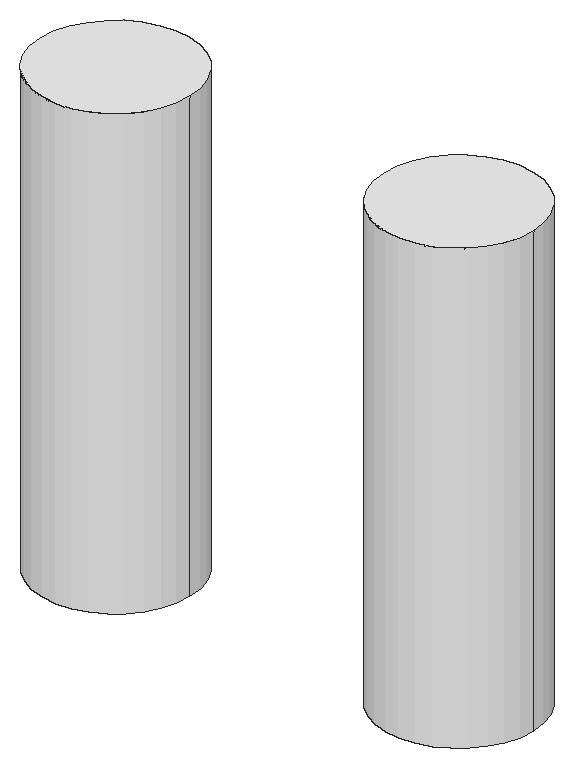
Revit family "45232185(2022)", category Plumbing Fixtures, Revit 2020
Family settings
  Round Connector Dimension = Use Diameter
  Part Type = Normal
  OmniClass Number = 23.45.55.00
  OmniClass Title = Sanitary Faucets, Wastes
  Work Plane-Based = No
  Always vertical = Yes
  Cut with Voids When Loaded = No
  Shared = No
  Room Calculation Point = No
Parameters (values of type "45232185 Washbasin faucet ")
  Working Pressure = "50 - 1000 kPa"
  WarrantyStartDate [instance] = "n/a"
  WarrantyGuarantorParts = "n/a"
  WarrantyGuarantorLabor = "n/a"
  WarrantyDurationUnit = "Year"
  WarrantyDurationParts = "n/a"
  WarrantyDurationLabor = "n/a"
  WarrantyDescription = "http://warranty.hansa.com"
  Warranty Information URL = "http://warranty.hansa.com"
  VersionDate = "01/06/2023"
  Version = "1"
  ValvePattern = "n/a"
  ValveOperation = "n/a"
  ValveMechanism = "n/a"
  Uniclass2015Reference = "Pr_40_20_87_96"
  Uniclass2015Description = "Washbasin manual water supply sets"
  Uniclass2 = "Pr_40_30_96_96"
  URL UWL = "http://static.hansa.com/UWL/45232185"
  URL REACH = "http://static.hansa.com/doc/reach"
  URL Materials Declaration = "http://www.hansa.com/fileadmin/resources/166346_45232185_materialsdeclaration.pdf"
  URL Environmental Product Declaration EPD = "http://www.hansa.com/fileadmin/resources/184523_EPD_Washbasin faucet.pdf"
  URL EcoLabel Declaration = "http://static.hansa.com/doc/EcoLabel"
  URL EU Packaging Declaration = "http://static.hansa.com/doc/packaging"
  URL Declaration of SCIP = "http://static.hansa.com/doc/SCIP"
  URL Declaration of Conformity = "http://static.hansa.com/DoC/45232185"
  URL Declaration of Asbestos = "http://static.hansa.com/doc/asbestos"
  URL Declaration Of Performance (DOP) = "http://static.hansa.com/doc/DoP"
  URL DVGW = "http://static.hansa.com/DVGW/45232185"
  URL ABP = "http://static.hansa.com/ABP/45232185"
  URL = ""
  UNSPSC Class Number = "30181700 Faucets or taps"
  TestPressure = "n/a"
  Temperature Adjustments = "Limitation option for maximum temperature and flow-rate ;Adjustable hot water stop (included, retrofittable)"
  Temperature = "Temperature limiter"
  Technical DataSheet URL = "http://www.hansa.com/datasheet/45232185/en"
  TagNumber [instance] = "n/a"
  SustainabilityPerformance = "n/a"
  Surface treatment = "Chrome"
  Spout Type = "Fixed spout"
  Spout Projection = "150 mm"
  Spare-Part Information URL = "http://static.hansa.com/sp/45232185"
  Size = "210 x 50 x 170 mm"
  Shape = "Sculptured"
  SerialNumber [instance] = "n/a"
  Sales Package dimensions (LxWxH) = "606 x 224 x 88"
  Revision = "n/a"
  ReplacementCost = "n/a"
  ProductInformation = "n/a"
  Product URL = "http://static.hansa.com/45232185"
  Product Image URL = "http://static.hansa.com/image/45232185"
  Product Family = "HANSACLINICA "
  Product Code = "45232185"
  Pressure Loss With Flow 01ls = 70000.0 Pa
  OperatingMechanismMaterial = "n/a"
  NominalWidth = 50 mm
  NominalHeight = 171.4 mm
  NominalDepth = 208.5 mm
  Noise Class = "I (ISO 3822) "
  Name_en = "45232185 Washbasin faucet"
  Name = "45232185 Washbasin faucet"
  NBSReference = "45-35-70/371"
  NBSDescription = "Water supply fittings for wash basins and troughs"
  Mounting Holes = "1 hole"
  ModelReference = "45232185"
  ModelNumber = "n/a"
  Model = "45232185 Washbasin faucet"
  Mobile Product Information URL = "http://mpi.hansa.com/45232185"
  Mechanical Parts = "ø 40 mm ceramic cartridge for flow and temperature control"
  Max. Hot Water Supply = 80 °C
  Material = "Brass"
  Market = "International;Germany;Austria;Switzerland;Belgium;Netherlands;France;Czech Republic;Slovakia;Italy;Spain"
  ManufacturerURL = "http://www.hansa.com"
  ManufacturerName = "HANSA"
  Manufacturer = "HANSA"
  Long Marketing = "HANSACLINICA washbasin faucet. Firm longer loop-lever (180 mm) offers good usability to all users and situations. Fixed longer spout (150 mm) with nickel-free water channels and laminar water flow. In-built limitation options for water temperature and maximum flow-rate. Connection pipes Cu ø10 mm."
  Lever Handle = "Single operating lever/handle;Loop shape;Long shape;Hot/Cold symbols"
  Keynote = ""
  Interactive AR View URL = "https://static.hansa.com/AR/45232185"
  InstallationDate [instance] = "n/a"
  Installation and Maintenance Guide URL = "http://static.hansa.com/manual/45232185"
  Installation Type = "Deck mounted"
  InletConnectionSize = 10 mm
  IfcExportType = "FAUCET"  # constant formula
  IfcExportAs = "IfcValveType"  # constant formula
  Group = "Washbasin faucet"
  Grade = "n/a"
  FlowCoefficient = 0
  Flow Rate At 300kPa = 0.2 L/s
  Flow Drawing URL = "http://static.hansa.com/flowchart/45232185"
  Finish = "Polished"
  Features = "Single-lever"
  FaucetMainMaterial = Brass
  FDV Document URL = "http://www.hansa.com/datasheet/45232185/en/fdv"
  ExpectedLife = "n/a"
  Excluded Items = "Without pop-up waste;Without draw-rod opening"
  ETIM Class Number = "EC011328 Washbasin mixing tap"
  EN Standard = "EN 817"
  EAN Number = "4057304018879"
  DurationUnit = "Year"
  Dimension Drawing URL = "http://static.hansa.com/dimdrw/45232185"
  Description = ""
  DefaultElevation [instance] = 900 mm
  Default Elevation = 0 mm
  Constituents = "n/a"
  Connection Size = "Ø10mm"
  Connection = "Copper inlet pipes"
  Color = "Chrome"
  CodePerformance = "n/a"
  CloseOffRating = 0
  Category = "Washbasin"
  Catalog Drawing URL = "http://static.hansa.com/catdrw/45232185"
  CO2 Emissions (D) = -7
  CO2 Emissions (C4) = 0.07
  CO2 Emissions (C3) = 0.02
  CO2 Emissions (C2) = 0.02
  CO2 Emissions (B7) = 3856.32
  CO2 Emissions (A4) = 0.27
  CO2 Emissions (A1-A3) = 9.85
  Brand = "HANSA"
  BodyMaterial = "Brass"
  Barcode [instance] = "n/a"
  Backflow Prevention EN1717 = "AA"
  BIMObjectName = "45232185(2022)"
  Author = "BIMStone"
  AssetType = "Fixed"
  AssetIdentifier [instance] = "n/a"
  Approval DVGW = "DW-6506DL0556"
  Approval ABP = "P-IX 29684/IA"
  Aerator = "Laminar stream"
  Advanced Features = "Inner body made of DZR brass;Waterways without nickel coating;3S-installation system for safe and simple mounting"
  AccessibilityPerformance = "n/a"
  3D View = "https://static.hansa.com/AR/45232185"
  2D/3D/BIM Files URL = "http://static.hansa.com/bim/45232185"
Reference planes
  plane 1 "Center (Front/Back)": y = 0
  plane 2: z = 0
  plane 3 "Center (Left/Right)": x = 0
  plane 4: x = -25
  plane 5: z = 900
  plane 6: z = 870
  plane 7: y = -208.5
  plane 8: x = 25
  plane 9: z = 1071.4
Forms (mm)
  Extrusion 1, solid, material "Brass" <- "FaucetMainMaterial"
    sketch origin (0, -4.192, 0) x (1, 0, 0) y (0, 1, 0)
      loop
        circle (-11.5, -22.5) r 5
      loop
        circle (11.5, -22.5) r 5
    from 870 to 900
Dimensions and locks
  "DefaultElevation": plane 5 to level
  locked: plane 5 to plane 6 at 30
  "NominalDepth": plane 7 to plane 1 "Center (Front/Back)"
  equal spacing: plane 4, plane 3 "Center (Left/Right)", plane 8
  "NominalHeight": plane 9 to plane 5
  "NominalWidth": plane 4 to plane 8
  "InletConnectionSize": diameter of Extrusion 1 sketch curve  (x2)
  aligned and locked: level to plane 2
  aligned and locked: plane 5 to Extrusion 1
  aligned and locked: Extrusion 1 to plane 6
  aligned and locked: nested 2 to plane 5
Automatic sketch dimensions
  Extrusion 1 sketch curve to plane 3 "Center (Left/Right)" = 11.5 mm
  plane 3 "Center (Left/Right)" to Extrusion 1 sketch curve = 11.5 mm
  plane 1 "Center (Front/Back)" to Extrusion 1 sketch curve = 26.692 mm  (x2)
Nested families
  nested 1: "Symbol" at (0, 0, 0), type "Symbol", detail levels coarse
  nested 2: "45232185_p" at (0, 0, 900), Material <- "FaucetMainMaterial", type "45232185_p"
    with Material Brass
Connectors
  piping at (-11.5, -26.692, 870), diameter 10, driven by "InletConnectionSize"
    settings: on Extrusion 1, index 1, connector inside diameter 609.6 mm, connector length 0 mm, flow factor 0, pipe flow 0.19 L/s, pressure drop 0.0 Pa, fitting loss kfactor 0, connector angle 0.00°, fixture units 0, engagement length 0 mm, angle of deflection 0.00°, flow configuration 1, flow direction 1, fitting loss method 0, system type 19, joint type 0, gender type 0, connector reference index -1, connector utility 0, adjustable connector no, is connector primary yes, connector description ""
  piping at (11.5, -26.692, 870), diameter 10, driven by "InletConnectionSize"
    settings: on Extrusion 1, index 2, connector inside diameter 609.6 mm, connector length 0 mm, flow factor 0, pipe flow 0.19 L/s, pressure drop 0.0 Pa, fitting loss kfactor 0, connector angle 0.00°, fixture units 0, engagement length 0 mm, angle of deflection 0.00°, flow configuration 1, flow direction 1, fitting loss method 0, system type 20, joint type 0, gender type 0, connector reference index -1, connector utility 0, adjustable connector no, is connector primary no, connector description ""
Definition of nested family "Symbol"
  Reference planes
    plane 1: y = 0
    plane 2: x = 0
  Lines and regions (mm)
    detail lines
      curve 1: line (0, 0, 0) -> (0, -1.8, 0)
      curve 2: line (-0.4, -1.1, 0) -> (0.4, -1.1, 0)
      curve 3: line (-0.4, -1.4, 0) -> (0.4, -1.4, 0)
      curve 4: line (0.863, 0, 0) -> (-0.863, 0, 0)
      curve 5: circle (-1.163, 0, 0) r 0.3 normal (0, 0, -1)
      curve 6: circle (1.163, 0, 0) r 0.3 normal (0, 0, 1)
Definition of nested family "45232185_p"
  Parameters (values of type "45232185_p")
    URL = ""
    Model = ""
    Material [instance] = none
    Manufacturer = ""
    Description = ""
    Default Elevation = 0 mm
  Reference planes
    plane 1 "Center (Front/Back)": y = 0
    plane 2: z = 0
    plane 3 "Center (Left/Right)": x = 0
    plane 4: x = -24.99
    plane 5: x = 24.987
    plane 6: z = 171.441
    plane 7: y = -208.547
  Forms (mm)
    Sweep 1, solid, material <- "Material", detail levels medium
      path origin (0, 0.008, -0.467) x (0, 0.999848, -0.017452) y (0, 0.017452, 0.999848)
        loop
          line (-23.874, -3.889) -> (-30.775, 127.795)
      profile origin (0, -26.23, 61.953) x (0, -0.999391, -0.034899) y (1, 0, 0)
        loop
          circle (0, 0) r 24
    Extrusion 2, void
      sketch origin (0, 0, 0) x (0, 1, 0) y (0, 0, 1)
        loop
          line (-52.612, 0) -> (-52.612, -8.17) -> (7.388, -8.17) -> (7.388, 0) -> (-52.612, 0)
      from -24.99 to 24.987
    Extrusion 3, void
      sketch origin (0, 0, 0) x (0, 1, 0) y (0, 0, 1)
        loop
          line (-55.138, 119.81) -> (-3.383, 119.81) -> (-3.383, 131.351) -> (-55.138, 131.351) -> (-55.138, 119.81)
      from -28.935 to 31.792
    Extrusion 4, solid, material <- "Material", detail levels medium
      sketch origin (0, 0, 0) x (0, 1, 0) y (0, 0, 1)
        loop
          line (-39.028, 119.839) -> (-187.859, 114.642) -> (-184.313, 101.407) -> (-159.953, 95.783) -> (-39.028, 95.783) -> (-39.028, 119.839)
      from -21.839 to 21.266
    Extrusion 5, solid, material <- "Material", detail levels medium
      sketch origin (0, -84.36, -45.949) x (1, 0, 0) y (0, 0.920505, -0.390731)
        loop
          circle (0, -137.133) r 12
      from 89.988 to 104.297
    Revolve 6, solid, material <- "Material", detail levels medium
      sketch origin (0, 0, 0) x (0, 1, 0) y (0, 0, 1)
        loop
          line (-6.543, 119.81) -> (-6.543, 125.12)
          arc (-6.543, 125.12) -> (-6.672, 125.984) -> (-7.046, 126.773) r 2.968
          arc (-7.046, 126.773) -> (-8.029, 128.121) -> (-9.116, 129.387) r 21.107
          line (-9.116, 129.387) -> (-4.234, 129.387) -> (-4.234, 159.038) -> (-27.134, 159.038) -> (-27.134, 119.81) -> (-6.543, 119.81)
        axis (-27.134, 159.038) -> (-27.134, 119.81)
      angle from 0 to 360
    Extrusion 7, solid, material <- "Material", detail levels medium
      sketch origin (0, 0, 0) x (0, 1, 0) y (0, 0, 1)
        loop
          line (-27.077, 159.038) -> (-170.328, 159.038)
          arc (-170.328, 159.038) -> (-187.789, 161.887) -> (-203.44, 170.138) r 54.936
          arc (-203.44, 170.138) -> (-208.033, 169.617) -> (-207.748, 165.003) r 3.356
          arc (-207.748, 165.003) -> (-190.433, 154.099) -> (-170.328, 150.288) r 54.936
          line (-170.328, 150.288) -> (-27.077, 150.288) -> (-27.077, 159.038)
      from -22.835 to 22.852
    Extrusion 8, void
      sketch origin (0, 0, 0) x (1, 0, 0) y (0, 1, 0)
        loop
          line (-18.2, -76.322) -> (-14.114, -193.323)
          arc (-14.114, -193.323) -> (-11.067, -200.167) -> (-4.12, -202.974) r 10
          line (-4.12, -202.974) -> (4.12, -202.974)
          arc (4.12, -202.974) -> (11.067, -200.167) -> (14.114, -193.323) r 10
          line (14.114, -193.323) -> (18.2, -76.322)
          arc (18.2, -76.322) -> (15.399, -69.026) -> (8.206, -65.973) r 10
          line (8.206, -65.973) -> (-8.206, -65.973)
          arc (-8.206, -65.973) -> (-15.399, -69.026) -> (-18.2, -76.322) r 10
      from 140.93 to 174.249
    Extrusion 9, solid, material <- "Material", detail levels coarse
      sketch origin (0, 0, 0) x (1, 0, 0) y (0, 1, 0)
        loop
          line (-24.99, 0) -> (-24.99, -208.547) -> (24.987, -208.547) -> (24.987, 0) -> (-24.99, 0)
      from 0 to 171.441
  Cuts and joins
    Extrusion 2, Extrusion 3 cuts Sweep 1
    Extrusion 8 cuts Extrusion 7
  Lines and regions (mm)
    symbolic lines, detail levels medium+fine
      curve 1: arc (-24.99, -24.091, 0) -> (-17.356, -7.004, 0) -> (0, 0, 0) r 25.007
      curve 2: arc (-23.562, -36.604, 0) -> (-24.747, -30.401, 0) -> (-24.99, -24.091, 0) r 42.068
      curve 3: line (-23.562, -36.604, 0) -> (-20.358, -180.725, 0)
      curve 4: arc (-20.358, -180.725, 0) -> (-20.043, -188.6, 0) -> (-19.449, -196.457, 0) r 222.194
      curve 5: arc (-19.449, -196.457, 0) -> (-17.217, -202.438, 0) -> (-12.277, -206.48, 0) r 12.232
      curve 6: arc (-12.277, -206.48, 0) -> (-9.27, -207.552, 0) -> (-6.133, -208.137, 0) r 20.193
      curve 7: arc (-6.133, -208.137, 0) -> (-3.07, -208.401, 0) -> (0, -208.547, 0) r 79.799
      curve 21: arc (24.99, -24.091, 0) -> (17.356, -7.004, 0) -> (0, 0, 0) r 25.007
      curve 22: arc (23.562, -36.604, 0) -> (24.747, -30.401, 0) -> (24.99, -24.091, 0) r 42.068
      curve 23: line (23.562, -36.604, 0) -> (20.358, -180.725, 0)
      curve 24: arc (20.358, -180.725, 0) -> (20.043, -188.6, 0) -> (19.449, -196.457, 0) r 222.194
      curve 25: arc (19.449, -196.457, 0) -> (17.217, -202.438, 0) -> (12.277, -206.48, 0) r 12.232
      curve 26: arc (12.277, -206.48, 0) -> (9.27, -207.552, 0) -> (6.133, -208.137, 0) r 20.193
      curve 27: arc (6.133, -208.137, 0) -> (3.07, -208.401, 0) -> (0, -208.547, 0) r 79.799
      curve 41: arc (-11.107, 0, 170.284) -> (-5.584, 0, 171.151) -> (0, 0, 171.441) r 53.887
      curve 42: arc (-16.567, 0, 167.783) -> (-13.977, 0, 169.337) -> (-11.107, 0, 170.284) r 13.643
      curve 43: arc (-19.019, 0, 164.902) -> (-17.948, 0, 166.474) -> (-16.567, 0, 167.783) r 8.894
      curve 44: arc (-19.472, 0, 163.401) -> (-19.32, 0, 164.174) -> (-19.019, 0, 164.902) r 3.999
      curve 45: line (-19.472, 0, 163.401) -> (-20.218, 0, 158.093)
      curve 46: line (-20.218, 0, 158.093) -> (-21.039, 0, 158.007)
      curve 47: arc (-21.039, 0, 158.007) -> (-21.689, 0, 157.915) -> (-22.331, 0, 157.775) r 9.035
      curve 48: arc (-22.331, 0, 157.775) -> (-23.28, 0, 157.123) -> (-23.579, 0, 156.011) r 1.668
      curve 49: arc (-23.579, 0, 156.011) -> (-23.535, 0, 154.677) -> (-23.639, 0, 153.347) r 11.929
      curve 50: arc (-23.639, 0, 153.347) -> (-23.683, 0, 152.874) -> (-23.685, 0, 152.398) r 5.489
      curve 51: arc (-23.685, 0, 152.398) -> (-23.672, 0, 149.331) -> (-23.874, 0, 146.271) r 43.963
      curve 52: line (-23.874, 0, 146.271) -> (-24.99, 0, 125.79)
      curve 53: arc (-24.99, 0, 125.79) -> (-24.903, 0, 124.896) -> (-24.552, 0, 124.069) r 2.97
      curve 54: arc (-24.552, 0, 124.069) -> (-24.078, 0, 123.608) -> (-23.444, 0, 123.424) r 1.359
      curve 55: line (-23.444, 0, 123.424) -> (-21.682, 0, 123.27)
      curve 56: line (-21.682, 0, 123.27) -> (-21.792, 0, 120.112)
      curve 57: line (-24.07, 0, 118.485) -> (-24.07, 0, 0)
      curve 58: line (-24.07, 0, 0) -> (0, 0, 0)
      curve 59: arc (-23.107, 0, 119.782) -> (-23.803, 0, 119.293) -> (-24.07, 0, 118.485) r 1.354
      curve 60: arc (-21.792, 0, 120.112) -> (-22.454, 0, 119.962) -> (-23.107, 0, 119.782) r 14.583
      curve 87: arc (11.107, 0, 170.284) -> (5.584, 0, 171.151) -> (0, 0, 171.441) r 53.887
      curve 88: arc (16.567, 0, 167.783) -> (13.977, 0, 169.337) -> (11.107, 0, 170.284) r 13.643
      curve 89: arc (19.019, 0, 164.902) -> (17.948, 0, 166.474) -> (16.567, 0, 167.783) r 8.894
      curve 90: arc (19.472, 0, 163.401) -> (19.32, 0, 164.174) -> (19.019, 0, 164.902) r 3.999
      curve 91: line (19.472, 0, 163.401) -> (20.218, 0, 158.093)
      curve 92: line (20.218, 0, 158.093) -> (21.039, 0, 158.007)
      curve 93: arc (21.039, 0, 158.007) -> (21.689, 0, 157.915) -> (22.331, 0, 157.775) r 9.035
      curve 94: arc (22.331, 0, 157.775) -> (23.28, 0, 157.123) -> (23.579, 0, 156.011) r 1.668
      curve 95: arc (23.579, 0, 156.011) -> (23.535, 0, 154.677) -> (23.639, 0, 153.347) r 11.929
      curve 96: arc (23.639, 0, 153.347) -> (23.683, 0, 152.874) -> (23.685, 0, 152.398) r 5.489
      curve 97: arc (23.685, 0, 152.398) -> (23.672, 0, 149.331) -> (23.874, 0, 146.271) r 43.963
      curve 98: line (23.874, 0, 146.271) -> (24.99, 0, 125.79)
      curve 99: arc (24.99, 0, 125.79) -> (24.903, 0, 124.896) -> (24.552, 0, 124.069) r 2.97
      curve 100: arc (24.552, 0, 124.069) -> (24.078, 0, 123.608) -> (23.444, 0, 123.424) r 1.359
      curve 101: line (23.444, 0, 123.424) -> (21.682, 0, 123.27)
      curve 102: line (21.682, 0, 123.27) -> (21.792, 0, 120.112)
      curve 103: line (24.07, 0, 118.485) -> (24.07, 0, 0)
      curve 104: line (24.07, 0, 0) -> (0, 0, 0)
      curve 105: arc (23.107, 0, 119.782) -> (23.803, 0, 119.293) -> (24.07, 0, 118.485) r 1.354
      curve 106: arc (21.792, 0, 120.112) -> (22.454, 0, 119.962) -> (23.107, 0, 119.782) r 14.583
      curve 133: line (0, -48.197, 0) -> (0, 0, 0)
      curve 134: line (0, 0, 0) -> (0, -4.165, 119.268)
      curve 135: arc (0, -4.165, 119.268) -> (0, -4.665, 120.366) -> (0, -5.795, 120.788) r 1.576
      curve 136: line (0, -5.785, 120.388) -> (0, -6.546, 120.37)
      curve 137: line (0, -6.546, 120.37) -> (0, -6.805, 125.309)
      curve 138: arc (0, -6.805, 125.309) -> (0, -6.932, 125.974) -> (0, -7.233, 126.581) r 2.491
      curve 139: arc (0, -7.233, 126.581) -> (0, -8.16, 127.96) -> (0, -9.071, 129.349) r 140.853
      curve 140: line (0, -9.071, 129.349) -> (0, -4.645, 129.504)
      curve 141: arc (0, -4.645, 129.504) -> (0, -4.202, 129.741) -> (0, -4.121, 130.236) r 0.568
      curve 142: line (0, -4.121, 130.236) -> (0, -5.035, 156.416)
      curve 143: arc (0, -5.035, 156.416) -> (0, -5.47, 157.459) -> (0, -6.485, 157.956) r 1.603
      curve 144: arc (0, -6.485, 157.956) -> (0, -10.53, 158.32) -> (0, -14.579, 158.644) r 421.932
      curve 145: arc (0, -14.579, 158.644) -> (0, -20.591, 158.975) -> (0, -26.611, 159.063) r 148.555
      curve 146: line (0, -26.611, 159.063) -> (0, -66.334, 159.063)
      curve 147: arc (0, -66.334, 159.063) -> (0, -67.001, 158.97) -> (0, -67.618, 158.7) r 2.454
      curve 148: line (0, -67.618, 158.7) -> (0, -68.659, 158.554)
      curve 149: arc (0, -68.659, 158.554) -> (0, -72.316, 158.184) -> (0, -75.992, 158.1) r 47.259
      curve 150: arc (0, -75.992, 158.1) -> (0, -83.211, 158.158) -> (0, -90.431, 158.099) r 450.057
      curve 151: arc (0, -90.431, 158.099) -> (0, -131.111, 157.851) -> (0, -171.788, 158.415) r 2036.864
      curve 152: arc (0, -171.788, 158.415) -> (0, -185.245, 160.591) -> (0, -197.618, 166.312) r 50.123
      curve 153: arc (0, -197.618, 166.312) -> (0, -200.764, 168.319) -> (0, -203.914, 170.318) r 1364.284
      curve 154: arc (0, -203.914, 170.318) -> (0, -204.938, 170.893) -> (0, -206.015, 171.359) r 11.288
      curve 155: arc (0, -206.015, 171.359) -> (0, -206.675, 171.436) -> (0, -207.295, 171.198) r 1.394
      curve 156: arc (0, -207.295, 171.198) -> (0, -207.737, 170.763) -> (0, -208.007, 170.204) r 1.817
      curve 157: arc (0, -208.007, 170.204) -> (0, -208.312, 169.007) -> (0, -208.547, 167.793) r 21.208
      curve 158: arc (0, -208.547, 167.793) -> (0, -208.577, 167.21) -> (0, -208.479, 166.634) r 2.654
      curve 159: arc (0, -208.479, 166.634) -> (0, -207.681, 165.039) -> (0, -206.361, 163.838) r 4.861
      curve 160: arc (0, -206.361, 163.838) -> (0, -203.269, 161.849) -> (0, -200.252, 159.748) r 100.656
      curve 161: arc (0, -200.252, 159.748) -> (0, -198.11, 158.364) -> (0, -195.833, 157.215) r 24.065
      curve 162: arc (0, -195.833, 157.215) -> (0, -191.332, 155.264) -> (0, -186.81, 153.361) r 458.386
      curve 163: arc (0, -186.81, 153.361) -> (0, -185.575, 152.933) -> (0, -184.298, 152.655) r 10.96
      curve 164: arc (0, -184.298, 152.655) -> (0, -177.454, 151.849) -> (0, -170.57, 151.552) r 92.915
      curve 165: arc (0, -170.57, 151.552) -> (0, -124.021, 151.105) -> (0, -77.478, 150.328) r 6543.806
      curve 166: arc (0, -77.478, 150.328) -> (0, -72.521, 150.07) -> (0, -67.59, 149.499) r 78.308
      curve 167: arc (0, -67.59, 149.499) -> (0, -67.312, 149.421) -> (0, -67.062, 149.276) r 1.146
      curve 168: arc (0, -67.062, 149.276) -> (0, -66.813, 149.154) -> (0, -66.536, 149.139) r 0.702
      curve 169: line (0, -66.536, 149.139) -> (0, -58.07, 148.991)
      curve 170: arc (0, -58.07, 148.991) -> (0, -54.26, 147.335) -> (0, -52.738, 143.469) r 5.428
      curve 171: arc (0, -52.738, 143.469) -> (0, -52.989, 133.464) -> (0, -53.395, 123.464) r 648.967
      curve 172: arc (0, -53.395, 123.464) -> (0, -53.192, 122.968) -> (0, -52.68, 122.809) r 0.63
      curve 173: line (0, -52.68, 122.809) -> (0, -50.099, 122.899)
      curve 174: line (0, -50.099, 122.899) -> (0, -50.099, 119.349)
      curve 175: line (0, -50.099, 119.349) -> (0, -164.534, 116.667)
      curve 177: arc (0, -164.534, 116.667) -> (0, -175.718, 116.017) -> (0, -186.831, 114.596) r 162.032
      curve 178: arc (0, -186.831, 114.596) -> (0, -188.015, 113.821) -> (0, -188.234, 112.422) r 1.743
      curve 179: arc (0, -188.234, 112.422) -> (0, -187.847, 110.718) -> (0, -187.596, 108.988) r 22.037
      curve 180: arc (0, -187.596, 108.988) -> (0, -186.49, 104.752) -> (0, -184.173, 101.038) r 14.538
      curve 181: line (0, -184.173, 101.038) -> (0, -186.408, 96.017)
      curve 182: line (0, -186.408, 96.017) -> (0, -185.533, 94.813)
      curve 183: line (0, -185.533, 94.813) -> (0, -165.608, 86.355)
      curve 184: line (0, -165.608, 86.355) -> (0, -164.342, 86.578)
      curve 185: line (0, -164.342, 86.578) -> (0, -160.598, 94.989)
      curve 186: line (0, -160.611, 94.959) -> (0, -70.189, 94.959)
      curve 187: arc (0, -70.189, 94.959) -> (0, -56.025, 84.836) -> (0, -50.603, 68.292) r 27.946
      curve 188: line (0, -50.603, 68.292) -> (0, -48.197, 0)
    symbolic lines, detail levels fine
      curve 8: arc (-22.233, -23.554, 0) -> (-14.479, -10.248, 0) -> (0, -5, 0) r 22.598
      curve 9: arc (-23.544, -35.239, 0) -> (-23.088, -29.374, 0) -> (-22.233, -23.554, 0) r 86.279
      curve 10: arc (-23.562, -36.604, 0) -> (-23.563, -35.921, 0) -> (-23.544, -35.239, 0) r 22.607
      curve 11: arc (-11.23, -186.571, 0) -> (-5.676, -187.814, 0) -> (0, -188.231, 0) r 38.807
      curve 12: arc (-14.339, -184.684, 0) -> (-12.904, -185.824, 0) -> (-11.23, -186.571, 0) r 7.299
      curve 13: line (-15.744, -146.452, 0) -> (-14.655, -177.664, 0)
      curve 14: arc (-14.655, -177.664, 0) -> (-14.232, -186.549, 0) -> (-13.586, -195.421, 0) r 352.861
      curve 15: arc (-13.586, -195.421, 0) -> (-12.43, -198.705, 0) -> (-9.828, -201.018, 0) r 6.955
      curve 16: arc (-9.828, -201.018, 0) -> (-7.293, -202.012, 0) -> (-4.612, -202.486, 0) r 13.695
      curve 17: arc (-4.612, -202.486, 0) -> (-2.308, -202.617, 0) -> (0, -202.663, 0) r 62.713
      curve 18: line (-15.744, -146.452, 0) -> (-17.315, -78.914, 0)
      curve 19: arc (-17.315, -78.914, 0) -> (-14.614, -71.937, 0) -> (-7.77, -68.914, 0) r 9.776
      curve 20: line (-7.77, -68.914, 0) -> (0, -68.914, 0)
      curve 28: arc (22.233, -23.554, 0) -> (14.479, -10.248, 0) -> (0, -5, 0) r 22.598
      curve 29: arc (23.544, -35.239, 0) -> (23.088, -29.374, 0) -> (22.233, -23.554, 0) r 86.279
      curve 30: arc (23.562, -36.604, 0) -> (23.563, -35.921, 0) -> (23.544, -35.239, 0) r 22.607
      curve 31: arc (11.23, -186.571, 0) -> (5.676, -187.814, 0) -> (0, -188.231, 0) r 38.807
      curve 32: arc (14.339, -184.684, 0) -> (12.904, -185.824, 0) -> (11.23, -186.571, 0) r 7.299
      curve 33: line (15.744, -146.452, 0) -> (14.655, -177.664, 0)
      curve 34: arc (14.655, -177.664, 0) -> (14.232, -186.549, 0) -> (13.586, -195.421, 0) r 352.861
      curve 35: arc (13.586, -195.421, 0) -> (12.43, -198.705, 0) -> (9.828, -201.018, 0) r 6.955
      curve 36: arc (9.828, -201.018, 0) -> (7.293, -202.012, 0) -> (4.612, -202.486, 0) r 13.695
      curve 37: arc (4.612, -202.486, 0) -> (2.308, -202.617, 0) -> (0, -202.663, 0) r 62.713
      curve 38: line (15.744, -146.452, 0) -> (17.315, -78.914, 0)
      curve 39: arc (17.315, -78.914, 0) -> (14.614, -71.937, 0) -> (7.77, -68.914, 0) r 9.776
      curve 40: line (7.77, -68.914, 0) -> (0, -68.914, 0)
      curve 61: line (-20.218, 0, 158.093) -> (-20.371, 0, 157.23)
      curve 62: arc (-20.371, 0, 157.23) -> (-20.627, 0, 156.769) -> (-21.113, 0, 156.563) r 0.809
      curve 63: arc (-21.113, 0, 156.563) -> (-22.367, 0, 156.382) -> (-23.579, 0, 156.011) r 8.278
      curve 64: arc (-8.154, 0, 163.365) -> (-4.094, 0, 163.923) -> (0, 0, 164.11) r 45.05
      curve 65: arc (-12.754, 0, 161.344) -> (-10.572, 0, 162.623) -> (-8.154, 0, 163.365) r 10.921
      curve 66: arc (-13.833, 0, 159.052) -> (-13.577, 0, 160.331) -> (-12.754, 0, 161.344) r 2.719
      curve 67: line (-13.833, 0, 159.052) -> (-14.46, 0, 154.593)
      curve 68: arc (-14.46, 0, 154.593) -> (-15.177, 0, 152.826) -> (-16.644, 0, 151.608) r 3.914
      curve 69: arc (-16.644, 0, 151.608) -> (-18.185, 0, 150.938) -> (-19.77, 0, 150.38) r 23.193
      curve 70: arc (-19.77, 0, 150.38) -> (-9.905, 0, 149.428) -> (0, 0, 149.11) r 154.417
      curve 71: arc (-23.551, 0, 154.267) -> (-22.338, 0, 151.665) -> (-19.77, 0, 150.38) r 4.362
      curve 72: arc (0, 0, 144.734) -> (-4.328, 0, 140.406) -> (0, 0, 136.078) r 4.328
      curve 73: arc (-13.912, 0, 158.49) -> (-6.962, 0, 158.919) -> (0, 0, 159.062) r 169.323
      curve 74: arc (-21.682, 0, 123.27) -> (-10.846, 0, 122.78) -> (0, 0, 122.616) r 359.882
      curve 75: arc (-21.792, 0, 120.112) -> (-10.897, 0, 120.319) -> (0, 0, 120.388) r 862.046
      curve 76: arc (-17.094, 0, 116.404) -> (-8.572, 0, 117.388) -> (0, 0, 117.716) r 112.001
      curve 77: arc (-18.649, 0, 114.281) -> (-18.311, 0, 115.665) -> (-17.094, 0, 116.404) r 1.861
      curve 78: arc (-11.785, 0, 99.207) -> (-16.256, 0, 106.271) -> (-18.649, 0, 114.281) r 30.603
      curve 79: line (-11.785, 0, 99.207) -> (-11.785, 0, 96.575)
      curve 80: arc (-11.785, 0, 96.575) -> (-11.59, 0, 95.768) -> (-11.047, 0, 95.141) r 1.762
      curve 81: line (-11.047, 0, 95.141) -> (-11.047, 0, 91.971)
      curve 82: line (-11.047, 0, 91.971) -> (-9.915, 0, 91.178)
      curve 83: arc (-9.915, 0, 91.178) -> (-7.615, 0, 89.94) -> (-5.09, 0, 89.271) r 11.166
      curve 84: arc (-5.09, 0, 89.271) -> (-2.551, 0, 88.968) -> (0, 0, 88.782) r 55.451
      curve 85: arc (-11.785, 0, 99.207) -> (-6.148, 0, 101.82) -> (0, 0, 102.716) r 21.543
      curve 86: arc (-11.047, 0, 93.908) -> (-5.843, 0, 96.737) -> (0, 0, 97.716) r 17.926
      curve 107: line (20.218, 0, 158.093) -> (20.371, 0, 157.23)
      curve 108: arc (20.371, 0, 157.23) -> (20.627, 0, 156.769) -> (21.113, 0, 156.563) r 0.809
      curve 109: arc (21.113, 0, 156.563) -> (22.367, 0, 156.382) -> (23.579, 0, 156.011) r 8.278
      curve 110: arc (8.154, 0, 163.365) -> (4.094, 0, 163.923) -> (0, 0, 164.11) r 45.05
      curve 111: arc (12.754, 0, 161.344) -> (10.572, 0, 162.623) -> (8.154, 0, 163.365) r 10.921
      curve 112: arc (13.833, 0, 159.052) -> (13.577, 0, 160.331) -> (12.754, 0, 161.344) r 2.719
      curve 113: line (13.833, 0, 159.052) -> (14.46, 0, 154.593)
      curve 114: arc (14.46, 0, 154.593) -> (15.177, 0, 152.826) -> (16.644, 0, 151.608) r 3.914
      curve 115: arc (16.644, 0, 151.608) -> (18.185, 0, 150.938) -> (19.77, 0, 150.38) r 23.193
      curve 116: arc (19.77, 0, 150.38) -> (9.905, 0, 149.428) -> (0, 0, 149.11) r 154.417
      curve 117: arc (23.551, 0, 154.267) -> (22.338, 0, 151.665) -> (19.77, 0, 150.38) r 4.362
      curve 118: arc (0, 0, 144.734) -> (4.328, 0, 140.406) -> (0, 0, 136.078) r 4.328
      curve 119: arc (13.912, 0, 158.49) -> (6.962, 0, 158.919) -> (0, 0, 159.062) r 169.323
      curve 120: arc (21.682, 0, 123.27) -> (10.846, 0, 122.78) -> (0, 0, 122.616) r 359.882
      curve 121: arc (21.792, 0, 120.112) -> (10.897, 0, 120.319) -> (0, 0, 120.388) r 862.046
      curve 122: arc (17.094, 0, 116.404) -> (8.572, 0, 117.388) -> (0, 0, 117.716) r 112.001
      curve 123: arc (18.649, 0, 114.281) -> (18.311, 0, 115.665) -> (17.094, 0, 116.404) r 1.861
      curve 124: arc (11.785, 0, 99.207) -> (16.256, 0, 106.271) -> (18.649, 0, 114.281) r 30.603
      curve 125: line (11.785, 0, 99.207) -> (11.785, 0, 96.575)
      curve 126: arc (11.785, 0, 96.575) -> (11.59, 0, 95.768) -> (11.047, 0, 95.141) r 1.762
      curve 127: line (11.047, 0, 95.141) -> (11.047, 0, 91.971)
      curve 128: line (11.047, 0, 91.971) -> (9.915, 0, 91.178)
      curve 129: arc (9.915, 0, 91.178) -> (7.615, 0, 89.94) -> (5.09, 0, 89.271) r 11.166
      curve 130: arc (5.09, 0, 89.271) -> (2.551, 0, 88.968) -> (0, 0, 88.782) r 55.451
      curve 131: arc (11.785, 0, 99.207) -> (6.148, 0, 101.82) -> (0, 0, 102.716) r 21.543
      curve 132: arc (11.047, 0, 93.908) -> (5.843, 0, 96.737) -> (0, 0, 97.716) r 17.926
      curve 176: line (0, -6.546, 120.37) -> (0, -50.099, 119.349)
      curve 189: line (0, -160.598, 94.989) -> (0, -166.306, 96.412)
      curve 190: arc (0, -166.306, 96.412) -> (0, -170.975, 97.404) -> (0, -175.701, 98.067) r 68.244
      curve 191: arc (0, -175.701, 98.067) -> (0, -180.11, 99.057) -> (0, -184.173, 101.038) r 19.456
      curve 192: line (0, -9.071, 129.349) -> (0, -18.254, 128.868)
      curve 193: arc (0, -18.254, 128.868) -> (0, -20.465, 128.525) -> (0, -22.561, 127.743) r 11.027
      curve 194: arc (0, -22.561, 127.743) -> (0, -29.498, 124.983) -> (0, -36.787, 123.366) r 46.597
      curve 195: arc (0, -36.787, 123.366) -> (0, -43.431, 122.79) -> (0, -50.099, 122.899) r 64.811
  Dimensions and locks
    aligned and locked: level to plane 2
